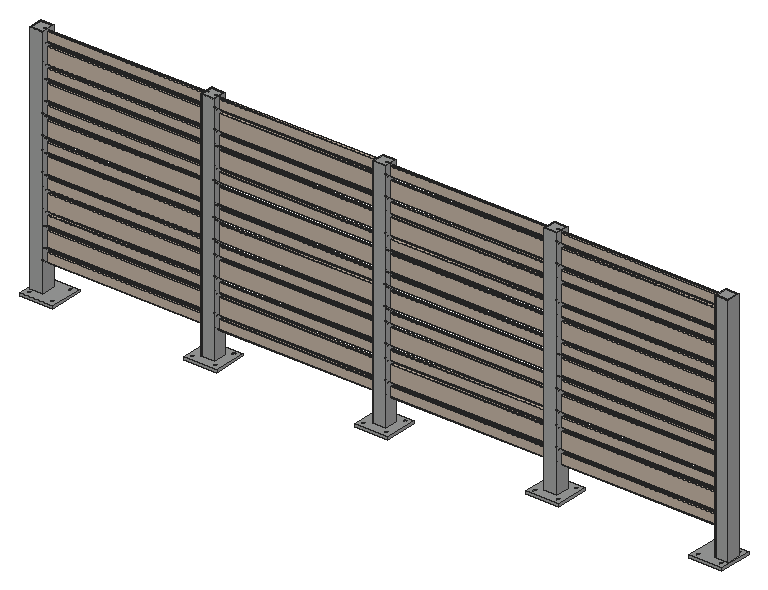
Revit family "ALTERNATING_ALUMINUM_PLANK_PANEL_ARRAY", category Specialty Equipment, Revit 2026
Family settings
  Round Connector Dimension = Use Diameter
  Part Type = Normal
  Classification Number = 23.55.00.00
  Enable Cutting in Views = No
  Cut with Voids When Loaded = No
  Maintain Annotation Orientation = No
  Shared = No
  Room Calculation Point = No
Parameters (values of type "Assembly")
  Warranty URL = "https://palmshieldlouvers.com/wp-content/uploads/2020/01/PalmSHIELD-Warranty-NO-SIGN-LINE.pdf"
  Version = "2020 - v1.0a"  # constant formula
  URL = "https://palmshieldlouvers.com/"
  Type Comments = ""
  Left Post UP [instance] = yes
  Left Post Description [instance] = if(Left Post Position = 1, "Middle Post", if(Left Post Position = 2, "Corner Post", if(Left Post Position = 3, "End Post", "Not a Valid Option")))  # "End Post"
  Left Post DOWN [instance] = not(Left Post UP)  # no
  Left Post [instance] = yes
  Product Page URL = "https://palmshieldlouvers.com/products/mercury-eco-semi-private/"
  Product Documentation Link = "https://palmshieldlouvers.com/wp-content/uploads/2022/01/Mercury-Economic-Alternating-Semi-Private.pdf"
  Post Finish = Metal - PalmSHIELD - Dusty Grey
  Panel Width [instance] = if(Desired Panel Width > C Max Panel Width, C Max Panel Width, if(Desired Panel Width < C Min Panel Width, C Min Panel Width, Desired Panel Width))  # 4' - 0"
  Panel Height [instance] = if(Desired Panel Height > C Max Panel Height, C Max Panel Height, if(Desired Panel Height < C Min Panel Height, C Min Panel Height, Desired Panel Height))  # 6' - 0"
  Model = "Mercury Economic - Alternating - Semi Private"  # constant formula
  Manufacturer Phone Number = "531-329-4406 "  # constant formula
  Manufacturer Email = "mailto: info@palmshieldlouvers.com"
  Manufacturer Address = "12330 Cary Circle, La Vista, NE 68128"  # constant formula
  Manufacturer = "PalmSHIELD"  # constant formula
  Louver Finsh = Metal - PalmSHIELD - Grey Beige
  Left Post Position [instance] = 3
  Keynote = "05 10 00"
  Instruction Sheet Link = "https://palmshieldlouvers.com/wp-content/uploads/2021/09/PalmSHIELD-Mercury-Series-Post-Panel-Gate-Installation-Instructions-2.docx"
  ID [instance] = "Not Assigned"
  Frame Finish = Metal - PalmSHIELD - Dusty Grey
  Filler Panel [instance] = yes
  Right Post UP [instance] = yes
  Right Post Description [instance] = if(Right Post Position = 1, "Middle Post", if(Right Post Position = 2, "Corner Post", if(Right Post Position = 3, "End Post", "Not a Valid Option")))  # "End Post"
  Right Post DOWN [instance] = not(Right Post UP)  # no
  Right Post Position [instance] = 3
  Right Post [instance] = yes
  Desired Panel Width [instance] = 4' - 0"
  Desired Panel Height [instance] = 6' - 0"
  Real Length [instance] = if([built-in parameter 1001306] < (C Post Width + C Min Panel Width), (C Post Width + C Min Panel Width), [built-in parameter 1001306])  # 17' - 4"
  Description = "Mercury Economic - Alternating - Semi Private"  # constant formula
  built-in parameter 1001306 [instance] = 17' - 4"
  Copyright = "Copyright ©2024 The American Fence Company and PalmSHIELD. All Rights Reserved."  # constant formula
  Component Name [instance] = "Mercury Economic - Alternating - Semi Private"  # constant formula
  C Single Post [instance] = if(C Condition Double, 1 = 1, if(and(Right Post, C Condition Single), 1 = 1, 1 = 0))  # no
  C Single Panel [instance] = or(C Condition Double, C Condition Single)  # no
  C Single End Post Position [instance] = if(C Array Count = 1, 1, Right Post Position)  # 3
  C Right Post Offset Single [instance] = if(C Single End Post Position = 3, 0' 4 1/2", if(C Single End Post Position = 1, 0' 2", if(Right Post DOWN, 0' 2", 0' 4")))  # 0' - 4 1/2"
  C Right Post Offset Aux Single [instance] = if(C Single End Post Position = 3, 0' 0", if(C Single End Post Position = 1, 0' 0", if(Right Post DOWN, 0' 2", 0' 0")))  # 0' - 0"
  C Right Post Offset Aux [instance] = if(Right Post Position = 3, 0' 0", if(Right Post Position = 1, 0' 0", if(Right Post DOWN, 0' 2", 0' 0")))  # 0' - 0"
  C Right Post Offset [instance] = if(Right Post Position = 3, 0' 4 1/2", if(Right Post Position = 1, 0' 2", if(Right Post DOWN, 0' 2", 0' 4")))  # 0' - 4 1/2"
  C Right Post Angle Single [instance] = if(C Single End Post Position = 2, 90.00°, 0.00°)  # 0.00°
  C Right Post Angle [instance] = if(Right Post Position = 2, 90.00°, 0.00°)  # 0.00°
  C Post Width [instance] = 0' - 4"  # constant formula
  C Multiple Post [instance] = (C Condition Multiple)  # yes
  C Multiple Panels [instance] = (C Condition Multiple)  # yes
  C Min Panel Width [instance] = 4' - 0"  # constant formula
  C Min Panel Height [instance] = C Min Panel Width  # 4' - 0"
  C Max Panel Width [instance] = 5' - 0"  # constant formula
  C Max Panel Height [instance] = 6' - 0"  # constant formula
  C Left Post Offset Aux [instance] = if(Left Post Position = 3, 0' 4 1/2", if(Left Post Position = 1, 0' 2", if(Left Post DOWN, 0' 2", 0' 6")))  # 0' - 4 1/2"
  C Left Post Angle [instance] = if(Left Post Position = 3, 90.00°, 0.00°)  # 90.00°
  C Left Post Offset [instance] = if(Left Post Position = 3, 0' 0", if(Left Post Position = 1, 0' 0", if(Left Post DOWN, 0' 2", 0' 2")))  # 0' - 0"
  C Filler Post [instance] = and(not(C Condition Single), Filler Panel, Right Post, or(C Filler Panel Width = C Min Panel Width, C Filler Panel Width > C Min Panel Width))  # yes
  C Filler Panel Width Calculated [instance] = Real Length - C Calculated Total Length - Panel Width - C Post Width  # 4' - 0"
  C Filler Panel Width [instance] = if(C Filler Panel Width Calculated < C Min Panel Width, C Min Panel Width, if(C Filler Panel Width Calculated > C Max Panel Width, C Max Panel Width, C Filler Panel Width Calculated))  # 4' - 0"
  C Filler Panel [instance] = and(not(C Condition Single), Filler Panel, or(C Filler Panel Width = C Min Panel Width, C Filler Panel Width > C Min Panel Width))  # yes
  C Condition Single [instance] = C Array Count < 1  # no
  C Condition Multiple [instance] = C Array Count > 1  # yes
  C Condition Double [instance] = C Array Count = 1  # no
  C Complete Post [instance] = and(not(C Condition Single), not(Filler Panel), Right Post)  # no
  C Complete Panel [instance] = and(not(C Condition Single), not(Filler Panel))  # no
  C Calculated Total Length [instance] = if(C Array Count < 1, 0' 0", if(C Array Count = 1, C Post Width, Panel Width * (C Array Safe - 1) + C Post Width * (C Array Safe)))  # 9' - 0"
  C Calculated Filler Panel Length [instance] = if(C Array Count < 1, 0' 0", if(or(C Array Count = 2, C Array Count = 1), C Post Width, if(Filler Panel, (C Calculated Total Length - C Post Width - C Filler Panel Width), (C Calculated Total Length - C Post Width - Panel Width))))  # 4' - 8"
  C Array Safe [instance] = if(C Array Count < 2, 2, C Array Count)  # 3
  C Array Count [instance] = if(Filler Panel, roundup(((Real Length - C Min Panel Width) / (Panel Width + C Post Width)) - 1), roundup(((Real Length - (Panel Width)) / (Panel Width + C Post Width)) - 1))  # 3
  Assembly Code = "F1020100"
Reference planes (in)
  plane 1 "Center (Front/Back)": y = 0
  plane 2 "B": z = 0
  plane 3 "Left": x = 0
  plane 4 "Right": x = 208
  plane 5 "Top": z = 72
  plane 6: x = 48
  plane 7: x = 52
  plane 8: x = 100
  plane 9: x = 104
  plane 10: x = -4
  plane 11: x = 156
  plane 12: x = 52
  plane 13: x = 204
  plane 14: x = 204
  plane 15: x = -2
  plane 16: x = 208
  plane 17: x = 206
  plane 18: x = 206
  plane 19: x = 208
  plane 20: x = 50
  plane 21: x = 102
  plane 22: y = -2
  plane 23: y = 2
Lines and regions (in)
  reference lines
    curve 1: line (0, 0, 0) -> (208, 0, 0)
    curve 2: line (-2, 0, 0) -> (-4, 0, 0)
    curve 3: line (-2, 0, 0) -> (-2, 2, 0)
    curve 4: line (2.5, 0, 0) -> (2.5, 2, 0)
    curve 5: line (206, 0, 0) -> (206, -2, 0)
    curve 6: line (206, 0, 0) -> (208, 0, 0)
    curve 7: line (206, 0, 0) -> (206, 2, 0)
    curve 8: line (206, 0, 0) -> (206, 2, 0)
    curve 9: line (50.00002, 0, 0) -> (50.00002, 2, 0)
    curve 10: line (50, 0, 0) -> (52, 0, 0)
    curve 11: line (50.00002, -0.00002, 0) -> (50.00002, 2, 0)
    curve 12: line (206, 0, 0) -> (206, 2, 0)
    curve 13: line (206, 0, 0) -> (208, 0, 0)
    curve 14: line (206, 0, 0) -> (206, 2, 0)
Dimensions and locks (in)
  "built-in parameter 1001306": plane 3 "Left" to plane 4 "Right"
  "Panel Width": plane 6 to plane 3 "Left"
  "C Post Width": plane 7 to plane 6
  "Panel Width": plane 8 to plane 7
  "C Post Width": plane 9 to plane 8
  "C Post Width": plane 3 "Left" to plane 10
  "C Calculated Filler Panel Length": plane 12 to plane 10
  "C Filler Panel Width": plane 13 to plane 11
  "Panel Width": plane 14 to plane 11
  "C Calculated Total Length": plane 11 to plane 6
  equal spacing: plane 10, plane 15, plane 3 "Left"
  equal spacing: plane 16, plane 17, plane 13
  "C Post Width": plane 16 to plane 13
  equal spacing: plane 19, plane 18, plane 14
  "C Post Width": plane 19 to plane 14
  equal spacing: plane 9, plane 21, plane 8
  equal spacing: plane 7, plane 20, plane 6
  equal spacing: plane 22, plane 1 "Center (Front/Back)", plane 23
  "C Post Width": plane 22 to plane 23
  "Panel Height": plane 5 "Top" to level
  equal spacing: group 1, group 2, group 5  (x3)
  "C Left Post Offset": curve 4 to nested 1
  "C Left Post Offset Aux": curve 3 to curve 4
  equal spacing: group 3, group 4, group 6  (x3)
  "C Right Post Offset Aux": curve 8 to curve 7
  "C Right Post Offset": curve 8 to nested 5
  "C Right Post Offset Aux Single": curve 11 to curve 9
  "C Right Post Offset Single": curve 11 to nested 8
  "C Right Post Offset Aux": curve 14 to curve 12
  "C Right Post Offset": curve 14 to nested 11
  "C Left Post Angle": angle curve 2 to plane 15
  locked: curve 3 to curve 2 (angle 90.00°)
  locked: curve 6 to curve 7 (angle 90.00°)
  "C Right Post Angle": angle curve 7 to plane 18
  locked: curve 10 to curve 9 (angle 90.00°)
  "C Right Post Angle Single": angle curve 9 to plane 20
  locked: curve 13 to curve 12 (angle 90.00°)
  "C Right Post Angle": angle curve 12 to plane 18
  aligned and locked: plane 4 "Right" to curve 1
  aligned and locked: plane 1 "Center (Front/Back)" to curve 1
  aligned and locked: plane 3 "Left" to curve 1
  aligned and locked: level to plane 2 "B"
  aligned and locked: plane 3 "Left" to nested 2
  aligned and locked: nested 4 to plane 14
  aligned and locked: plane 1 "Center (Front/Back)" to nested 7
  aligned and locked: plane 20 to nested 7
  aligned and locked: plane 3 "Left" to nested 6
  aligned and locked: plane 1 "Center (Front/Back)" to nested 6
  aligned and locked: plane 11 to nested 3
  aligned and locked: plane 1 "Center (Front/Back)" to nested 3
  aligned and locked: plane 7 to nested 9
  aligned and locked: plane 1 "Center (Front/Back)" to nested 9
  aligned and locked: plane 1 "Center (Front/Back)" to curve 2
  aligned and locked: plane 15 to curve 3
  aligned and locked: curve 2 to nested 1
  aligned and locked: plane 21 to nested 10
  aligned and locked: plane 1 "Center (Front/Back)" to nested 10
  aligned and locked: plane 17 to curve 5
  aligned and locked: plane 1 "Center (Front/Back)" to nested 4
  aligned and locked: plane 1 "Center (Front/Back)" to curve 6
  aligned and locked: plane 1 "Center (Front/Back)" to nested 2
  aligned and locked: plane 20 to curve 10
  aligned and locked: nested 8 to curve 10
  aligned and locked: plane 18 to curve 13
  aligned and locked: plane 1 "Center (Front/Back)" to curve 12
Automatic sketch dimensions
  plane 22 to curve 5 = 0' - 0"
  curve 10 to curve 9 = 0' - 0"
  curve 2 to curve 4 = 0' - 0"
  curve 4 to curve 4 = 0' - 2"
  curve 8 to curve 7 = 0' - 0"  (x2)
  curve 11 to curve 9 = 0' - 0"  (x2)
  curve 14 to curve 13 = 0' - 0"
  curve 13 to curve 14 = 0' - 2"
Nested families (in)
  nested 1: "Screening-Louver-Assembly-Post-Palmshield-Mercury-Economic-Alternating-Semi_Private-Aluminum" at (0.5, 0, 0) x (-1, 0, 0) z (0, 0, 1), Desired Overall Height <- "Panel Height", visible <- "Left Post", Component Vis <- "Left Post", ID <- "ID", Post Position <- "Left Post Position", type "Assembly"
    with Post Position 3, ID "Not Assigned", Height 6' - 0", Desired Overall Height 6' - 0", Component Vis yes, Component Name "Mercury Economic - Alternating - Semi Private - Square Post", C Min Height 3' - 4", C Max Height 6' - 0"
  nested 2: "Screening-Louver-Assembly-Panel-Palmshield-Mercury_Economic-Alternating-Semi_Private-Aluminum" at (0, 0, 0), Desired Overall Height <- "Panel Height", Desired Overall Width <- "Panel Width", visible <- "C Single Panel", Component Vis <- "C Single Panel", ID <- "ID", type "Assembly"
    with Width 6' - 0", ID "Not Assigned", Height 6' - 0", Desired Overall Width 4' - 0", Desired Overall Height 6' - 0", Desired Bottom Angle 0.00°, Component Vis no, Component Name "Mercury Economic - Alternating - Semi Private", C Min Width 6' - 0", C Min Height 6' - 0", C Max Width 5' - 0", C Max Height 6' - 0", C Angle 0.00°
  nested 3: "Screening-Louver-Assembly-Panel-Palmshield-Mercury_Economic-Alternating-Semi_Private-Aluminum" at (156, 0, 0), Desired Overall Height <- "Panel Height", Desired Overall Width <- "C Filler Panel Width", visible <- "C Filler Panel", Component Vis <- "C Filler Panel", ID <- "ID", type "Assembly"
    with Width 6' - 0", ID "Not Assigned", Height 6' - 0", Desired Overall Width 4' - 0", Desired Overall Height 6' - 0", Desired Bottom Angle 0.00°, Component Vis yes, Component Name "Mercury Economic - Alternating - Semi Private", C Min Width 6' - 0", C Min Height 6' - 0", C Max Width 5' - 0", C Max Height 6' - 0", C Angle 0.00°
  nested 4: "Screening-Louver-Assembly-Panel-Palmshield-Mercury_Economic-Alternating-Semi_Private-Aluminum" at (156, 0, 0), Desired Overall Height <- "Panel Height", Desired Overall Width <- "Panel Width", visible <- "C Complete Panel", Component Vis <- "C Complete Panel", ID <- "ID", type "Assembly"
    with Width 6' - 0", ID "Not Assigned", Height 6' - 0", Desired Overall Width 4' - 0", Desired Overall Height 6' - 0", Desired Bottom Angle 0.00°, Component Vis no, Component Name "Mercury Economic - Alternating - Semi Private", C Min Width 6' - 0", C Min Height 6' - 0", C Max Width 5' - 0", C Max Height 6' - 0", C Angle 0.00°
  nested 5: "Screening-Louver-Assembly-Post-Palmshield-Mercury-Economic-Alternating-Semi_Private-Aluminum" at (203.5, 0, 0), Desired Overall Height <- "Panel Height", visible <- "C Filler Post", Component Vis <- "C Filler Post", ID <- "ID", Post Position <- "Right Post Position", type "Assembly"
    with Post Position 3, ID "Not Assigned", Height 6' - 0", Desired Overall Height 6' - 0", Component Vis yes, Component Name "Mercury Economic - Alternating - Semi Private - Square Post", C Min Height 3' - 4", C Max Height 6' - 0"
  nested 6: "Screening-Louver-Assembly-Panel-Palmshield-Mercury_Economic-Alternating-Semi_Private-Aluminum" at (0, 0, 0), Desired Overall Height <- "Panel Height", Desired Overall Width <- "Panel Width", visible <- "C Multiple Panels", Component Vis <- "C Multiple Panels", ID <- "ID", type "Assembly"
    with Width 6' - 0", ID "Not Assigned", Height 6' - 0", Desired Overall Width 4' - 0", Desired Overall Height 6' - 0", Desired Bottom Angle 0.00°, Component Vis yes, Component Name "Mercury Economic - Alternating - Semi Private", C Min Width 6' - 0", C Min Height 6' - 0", C Max Width 5' - 0", C Max Height 6' - 0", C Angle 0.00°
  nested 7: "Screening-Louver-Assembly-Post-Palmshield-Mercury-Economic-Alternating-Semi_Private-Aluminum" at (50, 0, 0), Desired Overall Height <- "Panel Height", visible <- "C Multiple Post", Component Vis <- "C Multiple Post", ID <- "ID", type "Assembly"
    with Post Position 1, ID "Not Assigned", Height 6' - 0", Desired Overall Height 6' - 0", Component Vis yes, Component Name "Mercury Economic - Alternating - Semi Private - Square Post", C Min Height 3' - 4", C Max Height 6' - 0"
  nested 8: "Screening-Louver-Assembly-Post-Palmshield-Mercury-Economic-Alternating-Semi_Private-Aluminum" at (47.50002, 0, 0), Desired Overall Height <- "Panel Height", visible <- "C Single Post", Component Vis <- "C Single Post", ID <- "ID", Post Position <- "C Single End Post Position", type "Assembly"
    with Post Position 3, ID "Not Assigned", Height 6' - 0", Desired Overall Height 6' - 0", Component Vis no, Component Name "Mercury Economic - Alternating - Semi Private - Square Post", C Min Height 3' - 4", C Max Height 6' - 0"
  nested 9: "Screening-Louver-Assembly-Panel-Palmshield-Mercury_Economic-Alternating-Semi_Private-Aluminum" at (52, 0, 0), Desired Overall Height <- "Panel Height", Desired Overall Width <- "Panel Width", visible <- "C Multiple Panels", Component Vis <- "C Multiple Panels", ID <- "ID", type "Assembly"
    with Width 6' - 0", ID "Not Assigned", Height 6' - 0", Desired Overall Width 4' - 0", Desired Overall Height 6' - 0", Desired Bottom Angle 0.00°, Component Vis yes, Component Name "Mercury Economic - Alternating - Semi Private", C Min Width 6' - 0", C Min Height 6' - 0", C Max Width 5' - 0", C Max Height 6' - 0", C Angle 0.00°
  nested 10: "Screening-Louver-Assembly-Post-Palmshield-Mercury-Economic-Alternating-Semi_Private-Aluminum" at (102, 0, 0), Desired Overall Height <- "Panel Height", visible <- "C Multiple Post", Component Vis <- "C Multiple Post", ID <- "ID", type "Assembly"
    with Post Position 1, ID "Not Assigned", Height 6' - 0", Desired Overall Height 6' - 0", Component Vis yes, Component Name "Mercury Economic - Alternating - Semi Private - Square Post", C Min Height 3' - 4", C Max Height 6' - 0"
  nested 11: "Screening-Louver-Assembly-Post-Palmshield-Mercury-Economic-Alternating-Semi_Private-Aluminum" at (203.5, 0, 0), Desired Overall Height <- "Panel Height", visible <- "C Complete Post", Component Vis <- "C Complete Post", ID <- "ID", Post Position <- "Right Post Position", type "Assembly"
    with Post Position 3, ID "Not Assigned", Height 6' - 0", Desired Overall Height 6' - 0", Component Vis no, Component Name "Mercury Economic - Alternating - Semi Private - Square Post", C Min Height 3' - 4", C Max Height 6' - 0"
  nested 12: "Screening-Louver-Assembly-Panel-Palmshield-Mercury_Economic-Alternating-Semi_Private-Aluminum" at (104, 0, 0), Desired Overall Height <- "Panel Height", Desired Overall Width <- "Panel Width", visible <- "C Multiple Panels", Component Vis <- "C Multiple Panels", ID <- "ID", type "Assembly"
    with Width 6' - 0", ID "Not Assigned", Height 6' - 0", Desired Overall Width 4' - 0", Desired Overall Height 6' - 0", Desired Bottom Angle 0.00°, Component Vis yes, Component Name "Mercury Economic - Alternating - Semi Private", C Min Width 6' - 0", C Min Height 6' - 0", C Max Width 5' - 0", C Max Height 6' - 0", C Angle 0.00°
  nested 13: "Screening-Louver-Assembly-Post-Palmshield-Mercury-Economic-Alternating-Semi_Private-Aluminum" at (154, 0, 0), Desired Overall Height <- "Panel Height", visible <- "C Multiple Post", Component Vis <- "C Multiple Post", ID <- "ID", type "Assembly"
    with Post Position 1, ID "Not Assigned", Height 6' - 0", Desired Overall Height 6' - 0", Component Vis yes, Component Name "Mercury Economic - Alternating - Semi Private - Square Post", C Min Height 3' - 4", C Max Height 6' - 0"
  nested 14: "Nested-Base_Plate-Palmshield-Mercury_Economic" at (154, 0, 0), type "10" x 10" x 3/4""
    with Material Metal - PalmSHIELD - Dusty Grey, ID "Not Assigned", Component Vis yes, Component Name "Mercury Economic - Aluminum - Base Plate"
  nested 15: "Nested-Square_Post-Aluminum-Palmshield-Mercury_Economic" at (154, 0, 0.75), type "4" X 4" X 1/8" SQ. TUBE"
    with Material Metal - PalmSHIELD - Dusty Grey, Length 5' - 11 1/4", ID "Not Assigned", Component Vis yes, Component Name "Mercury Economic - Aluminum - Square Post"
  nested 16: "Nested-Top_Cap-Palmshield-Mercury_Economic" at (154, 0, 72) x (1, 0, 0) z (0, 0, -1), type "3 3/4" x 3 3/4" x 1/8""
    with Material Metal - PalmSHIELD - Dusty Grey, ID "Not Assigned", Component Vis yes, Component Name "Mercury Economic - Aluminum - Square Top Cap"
  nested 17: "Nested-Louvers-Palmshield-Mercury-Economic-Alternating-Semi_Private-Aluminum" at (102.1875, 0, 8.5) x (0, 1, 0) z (1, 0, 0), type "0.938" X 3" ALUMINUM SLAT, TYP."
    with Material Metal - PalmSHIELD - Grey Beige, Length 4' - 3 5/8", ID "", Component Name "Mercury Economic Alternating Semi Private - Aluminum - Louvers"
  nested 18: "Nested-Louvers-Palmshield-Mercury-Economic-Alternating-Semi_Private-Aluminum" at (102.1875, 0, 28.5) x (0, 1, 0) z (1, 0, 0), type "0.938" X 3" ALUMINUM SLAT, TYP."
    with Material Metal - PalmSHIELD - Grey Beige, Length 4' - 3 5/8", ID "", Component Name "Mercury Economic Alternating Semi Private - Aluminum - Louvers"
  nested 19: "Nested-Louvers-Palmshield-Mercury-Economic-Alternating-Semi_Private-Aluminum" at (102.1875, 0, 12.5) x (0, 1, 0) z (1, 0, 0), type "0.938" X 5" ALUMINUM SLAT, TYP."
    with Material Metal - PalmSHIELD - Grey Beige, Length 4' - 3 5/8", ID "", Component Name "Mercury Economic Alternating Semi Private - Aluminum - Louvers"
  nested 20: "Nested-Louvers-Palmshield-Mercury-Economic-Alternating-Semi_Private-Aluminum" at (102.1875, 0, 32.5) x (0, 1, 0) z (1, 0, 0), type "0.938" X 5" ALUMINUM SLAT, TYP."
    with Material Metal - PalmSHIELD - Grey Beige, Length 4' - 3 5/8", ID "", Component Name "Mercury Economic Alternating Semi Private - Aluminum - Louvers"
  nested 21: "Nested-Louvers-Palmshield-Mercury-Economic-Alternating-Semi_Private-Aluminum" at (102.1875, 0, 42.5) x (0, 1, 0) z (1, 0, 0), type "0.938" X 5" ALUMINUM SLAT, TYP."
    with Material Metal - PalmSHIELD - Grey Beige, Length 4' - 3 5/8", ID "", Component Name "Mercury Economic Alternating Semi Private - Aluminum - Louvers"
  nested 22: "Nested-Louvers-Palmshield-Mercury-Economic-Alternating-Semi_Private-Aluminum" at (102.1875, 0, 38.5) x (0, 1, 0) z (1, 0, 0), type "0.938" X 3" ALUMINUM SLAT, TYP."
    with Material Metal - PalmSHIELD - Grey Beige, Length 4' - 3 5/8", ID "", Component Name "Mercury Economic Alternating Semi Private - Aluminum - Louvers"
  nested 23: "Nested-Louvers-Palmshield-Mercury-Economic-Alternating-Semi_Private-Aluminum" at (102.1875, 0, 48.5) x (0, 1, 0) z (1, 0, 0), type "0.938" X 3" ALUMINUM SLAT, TYP."
    with Material Metal - PalmSHIELD - Grey Beige, Length 4' - 3 5/8", ID "", Component Name "Mercury Economic Alternating Semi Private - Aluminum - Louvers"
  nested 24: "Nested-Louvers-Palmshield-Mercury-Economic-Alternating-Semi_Private-Aluminum" at (102.1875, 0, 58.5) x (0, 1, 0) z (1, 0, 0), type "0.938" X 3" ALUMINUM SLAT, TYP."
    with Material Metal - PalmSHIELD - Grey Beige, Length 4' - 3 5/8", ID "", Component Name "Mercury Economic Alternating Semi Private - Aluminum - Louvers"
  nested 25: "Nested-Louvers-Palmshield-Mercury-Economic-Alternating-Semi_Private-Aluminum" at (102.1875, 0, 52.5) x (0, 1, 0) z (1, 0, 0), type "0.938" X 5" ALUMINUM SLAT, TYP."
    with Material Metal - PalmSHIELD - Grey Beige, Length 4' - 3 5/8", ID "", Component Name "Mercury Economic Alternating Semi Private - Aluminum - Louvers"
  nested 26: "Nested-Louvers-Palmshield-Mercury-Economic-Alternating-Semi_Private-Aluminum" at (102.1875, 0, 68.5) x (0, 1, 0) z (1, 0, 0), type "0.938" X 3" ALUMINUM SLAT, TYP."
    with Material Metal - PalmSHIELD - Grey Beige, Length 4' - 3 5/8", ID "", Component Name "Mercury Economic Alternating Semi Private - Aluminum - Louvers"
  nested 27: "Nested-Louvers-Palmshield-Mercury-Economic-Alternating-Semi_Private-Aluminum" at (102.1875, 0, 62.5) x (0, 1, 0) z (1, 0, 0), type "0.938" X 5" ALUMINUM SLAT, TYP."
    with Material Metal - PalmSHIELD - Grey Beige, Length 4' - 3 5/8", ID "", Component Name "Mercury Economic Alternating Semi Private - Aluminum - Louvers"
  nested 28: "Nested-Base_Plate-Palmshield-Mercury_Economic" at (50, 0, 0), type "10" x 10" x 3/4""
    with Material Metal - PalmSHIELD - Dusty Grey, ID "Not Assigned", Component Vis yes, Component Name "Mercury Economic - Aluminum - Base Plate"
  nested 29: "Nested-Square_Post-Aluminum-Palmshield-Mercury_Economic" at (50, 0, 0.75), type "4" X 4" X 1/8" SQ. TUBE"
    with Material Metal - PalmSHIELD - Dusty Grey, Length 5' - 11 1/4", ID "Not Assigned", Component Vis yes, Component Name "Mercury Economic - Aluminum - Square Post"
  nested 30: "Nested-Top_Cap-Palmshield-Mercury_Economic" at (50, 0, 72) x (1, 0, 0) z (0, 0, -1), type "3 3/4" x 3 3/4" x 1/8""
    with Material Metal - PalmSHIELD - Dusty Grey, ID "Not Assigned", Component Vis yes, Component Name "Mercury Economic - Aluminum - Square Top Cap"
  nested 31: "Nested-Base_Plate-Palmshield-Mercury_Economic" at (102, 0, 0), type "10" x 10" x 3/4""
    with Material Metal - PalmSHIELD - Dusty Grey, ID "Not Assigned", Component Vis yes, Component Name "Mercury Economic - Aluminum - Base Plate"
  nested 32: "Nested-Square_Post-Aluminum-Palmshield-Mercury_Economic" at (102, 0, 0.75), type "4" X 4" X 1/8" SQ. TUBE"
    with Material Metal - PalmSHIELD - Dusty Grey, Length 5' - 11 1/4", ID "Not Assigned", Component Vis yes, Component Name "Mercury Economic - Aluminum - Square Post"
  nested 33: "Nested-Top_Cap-Palmshield-Mercury_Economic" at (102, 0, 72) x (1, 0, 0) z (0, 0, -1), type "3 3/4" x 3 3/4" x 1/8""
    with Material Metal - PalmSHIELD - Dusty Grey, ID "Not Assigned", Component Vis yes, Component Name "Mercury Economic - Aluminum - Square Top Cap"
  nested 34: "Nested-Louvers-Palmshield-Mercury-Economic-Alternating-Semi_Private-Aluminum" at (-1.8125, 0, 8.5) x (0, 1, 0) z (1, 0, 0), type "0.938" X 3" ALUMINUM SLAT, TYP."
    with Material Metal - PalmSHIELD - Grey Beige, Length 4' - 3 5/8", ID "", Component Name "Mercury Economic Alternating Semi Private - Aluminum - Louvers"
  nested 35: "Nested-Louvers-Palmshield-Mercury-Economic-Alternating-Semi_Private-Aluminum" at (-1.8125, 0, 28.5) x (0, 1, 0) z (1, 0, 0), type "0.938" X 3" ALUMINUM SLAT, TYP."
    with Material Metal - PalmSHIELD - Grey Beige, Length 4' - 3 5/8", ID "", Component Name "Mercury Economic Alternating Semi Private - Aluminum - Louvers"
  nested 36: "Nested-Louvers-Palmshield-Mercury-Economic-Alternating-Semi_Private-Aluminum" at (-1.8125, 0, 12.5) x (0, 1, 0) z (1, 0, 0), type "0.938" X 5" ALUMINUM SLAT, TYP."
    with Material Metal - PalmSHIELD - Grey Beige, Length 4' - 3 5/8", ID "", Component Name "Mercury Economic Alternating Semi Private - Aluminum - Louvers"
  nested 37: "Nested-Louvers-Palmshield-Mercury-Economic-Alternating-Semi_Private-Aluminum" at (-1.8125, 0, 32.5) x (0, 1, 0) z (1, 0, 0), type "0.938" X 5" ALUMINUM SLAT, TYP."
    with Material Metal - PalmSHIELD - Grey Beige, Length 4' - 3 5/8", ID "", Component Name "Mercury Economic Alternating Semi Private - Aluminum - Louvers"
  nested 38: "Nested-Louvers-Palmshield-Mercury-Economic-Alternating-Semi_Private-Aluminum" at (-1.8125, 0, 42.5) x (0, 1, 0) z (1, 0, 0), type "0.938" X 5" ALUMINUM SLAT, TYP."
    with Material Metal - PalmSHIELD - Grey Beige, Length 4' - 3 5/8", ID "", Component Name "Mercury Economic Alternating Semi Private - Aluminum - Louvers"
  nested 39: "Nested-Louvers-Palmshield-Mercury-Economic-Alternating-Semi_Private-Aluminum" at (-1.8125, 0, 38.5) x (0, 1, 0) z (1, 0, 0), type "0.938" X 3" ALUMINUM SLAT, TYP."
    with Material Metal - PalmSHIELD - Grey Beige, Length 4' - 3 5/8", ID "", Component Name "Mercury Economic Alternating Semi Private - Aluminum - Louvers"
  nested 40: "Nested-Louvers-Palmshield-Mercury-Economic-Alternating-Semi_Private-Aluminum" at (-1.8125, 0, 48.5) x (0, 1, 0) z (1, 0, 0), type "0.938" X 3" ALUMINUM SLAT, TYP."
    with Material Metal - PalmSHIELD - Grey Beige, Length 4' - 3 5/8", ID "", Component Name "Mercury Economic Alternating Semi Private - Aluminum - Louvers"
  nested 41: "Nested-Louvers-Palmshield-Mercury-Economic-Alternating-Semi_Private-Aluminum" at (-1.8125, 0, 58.5) x (0, 1, 0) z (1, 0, 0), type "0.938" X 3" ALUMINUM SLAT, TYP."
    with Material Metal - PalmSHIELD - Grey Beige, Length 4' - 3 5/8", ID "", Component Name "Mercury Economic Alternating Semi Private - Aluminum - Louvers"
  nested 42: "Nested-Louvers-Palmshield-Mercury-Economic-Alternating-Semi_Private-Aluminum" at (-1.8125, 0, 52.5) x (0, 1, 0) z (1, 0, 0), type "0.938" X 5" ALUMINUM SLAT, TYP."
    with Material Metal - PalmSHIELD - Grey Beige, Length 4' - 3 5/8", ID "", Component Name "Mercury Economic Alternating Semi Private - Aluminum - Louvers"
  nested 43: "Nested-Louvers-Palmshield-Mercury-Economic-Alternating-Semi_Private-Aluminum" at (-1.8125, 0, 68.5) x (0, 1, 0) z (1, 0, 0), type "0.938" X 3" ALUMINUM SLAT, TYP."
    with Material Metal - PalmSHIELD - Grey Beige, Length 4' - 3 5/8", ID "", Component Name "Mercury Economic Alternating Semi Private - Aluminum - Louvers"
  nested 44: "Nested-Louvers-Palmshield-Mercury-Economic-Alternating-Semi_Private-Aluminum" at (-1.8125, 0, 62.5) x (0, 1, 0) z (1, 0, 0), type "0.938" X 5" ALUMINUM SLAT, TYP."
    with Material Metal - PalmSHIELD - Grey Beige, Length 4' - 3 5/8", ID "", Component Name "Mercury Economic Alternating Semi Private - Aluminum - Louvers"
  nested 45: "Nested-Louvers-Palmshield-Mercury-Economic-Alternating-Semi_Private-Aluminum" at (50.1875, 0, 8.5) x (0, 1, 0) z (1, 0, 0), type "0.938" X 3" ALUMINUM SLAT, TYP."
    with Material Metal - PalmSHIELD - Grey Beige, Length 4' - 3 5/8", ID "", Component Name "Mercury Economic Alternating Semi Private - Aluminum - Louvers"
  nested 46: "Nested-Louvers-Palmshield-Mercury-Economic-Alternating-Semi_Private-Aluminum" at (50.1875, 0, 28.5) x (0, 1, 0) z (1, 0, 0), type "0.938" X 3" ALUMINUM SLAT, TYP."
    with Material Metal - PalmSHIELD - Grey Beige, Length 4' - 3 5/8", ID "", Component Name "Mercury Economic Alternating Semi Private - Aluminum - Louvers"
  nested 47: "Nested-Louvers-Palmshield-Mercury-Economic-Alternating-Semi_Private-Aluminum" at (50.1875, 0, 12.5) x (0, 1, 0) z (1, 0, 0), type "0.938" X 5" ALUMINUM SLAT, TYP."
    with Material Metal - PalmSHIELD - Grey Beige, Length 4' - 3 5/8", ID "", Component Name "Mercury Economic Alternating Semi Private - Aluminum - Louvers"
  nested 48: "Nested-Louvers-Palmshield-Mercury-Economic-Alternating-Semi_Private-Aluminum" at (50.1875, 0, 32.5) x (0, 1, 0) z (1, 0, 0), type "0.938" X 5" ALUMINUM SLAT, TYP."
    with Material Metal - PalmSHIELD - Grey Beige, Length 4' - 3 5/8", ID "", Component Name "Mercury Economic Alternating Semi Private - Aluminum - Louvers"
  nested 49: "Nested-Louvers-Palmshield-Mercury-Economic-Alternating-Semi_Private-Aluminum" at (50.1875, 0, 42.5) x (0, 1, 0) z (1, 0, 0), type "0.938" X 5" ALUMINUM SLAT, TYP."
    with Material Metal - PalmSHIELD - Grey Beige, Length 4' - 3 5/8", ID "", Component Name "Mercury Economic Alternating Semi Private - Aluminum - Louvers"
  nested 50: "Nested-Louvers-Palmshield-Mercury-Economic-Alternating-Semi_Private-Aluminum" at (50.1875, 0, 38.5) x (0, 1, 0) z (1, 0, 0), type "0.938" X 3" ALUMINUM SLAT, TYP."
    with Material Metal - PalmSHIELD - Grey Beige, Length 4' - 3 5/8", ID "", Component Name "Mercury Economic Alternating Semi Private - Aluminum - Louvers"
  nested 51: "Nested-Louvers-Palmshield-Mercury-Economic-Alternating-Semi_Private-Aluminum" at (50.1875, 0, 48.5) x (0, 1, 0) z (1, 0, 0), type "0.938" X 3" ALUMINUM SLAT, TYP."
    with Material Metal - PalmSHIELD - Grey Beige, Length 4' - 3 5/8", ID "", Component Name "Mercury Economic Alternating Semi Private - Aluminum - Louvers"
  nested 52: "Nested-Louvers-Palmshield-Mercury-Economic-Alternating-Semi_Private-Aluminum" at (50.1875, 0, 58.5) x (0, 1, 0) z (1, 0, 0), type "0.938" X 3" ALUMINUM SLAT, TYP."
    with Material Metal - PalmSHIELD - Grey Beige, Length 4' - 3 5/8", ID "", Component Name "Mercury Economic Alternating Semi Private - Aluminum - Louvers"
  nested 53: "Nested-Louvers-Palmshield-Mercury-Economic-Alternating-Semi_Private-Aluminum" at (50.1875, 0, 52.5) x (0, 1, 0) z (1, 0, 0), type "0.938" X 5" ALUMINUM SLAT, TYP."
    with Material Metal - PalmSHIELD - Grey Beige, Length 4' - 3 5/8", ID "", Component Name "Mercury Economic Alternating Semi Private - Aluminum - Louvers"
  nested 54: "Nested-Louvers-Palmshield-Mercury-Economic-Alternating-Semi_Private-Aluminum" at (50.1875, 0, 68.5) x (0, 1, 0) z (1, 0, 0), type "0.938" X 3" ALUMINUM SLAT, TYP."
    with Material Metal - PalmSHIELD - Grey Beige, Length 4' - 3 5/8", ID "", Component Name "Mercury Economic Alternating Semi Private - Aluminum - Louvers"
  nested 55: "Nested-Louvers-Palmshield-Mercury-Economic-Alternating-Semi_Private-Aluminum" at (50.1875, 0, 62.5) x (0, 1, 0) z (1, 0, 0), type "0.938" X 5" ALUMINUM SLAT, TYP."
    with Material Metal - PalmSHIELD - Grey Beige, Length 4' - 3 5/8", ID "", Component Name "Mercury Economic Alternating Semi Private - Aluminum - Louvers"
  nested 56: "Nested-Louvers-Palmshield-Mercury-Economic-Alternating-Semi_Private-Aluminum" at (154.1875, 0, 8.5) x (0, 1, 0) z (1, 0, 0), type "0.938" X 3" ALUMINUM SLAT, TYP."
    with Material Metal - PalmSHIELD - Grey Beige, Length 4' - 3 5/8", ID "", Component Name "Mercury Economic Alternating Semi Private - Aluminum - Louvers"
  nested 57: "Nested-Louvers-Palmshield-Mercury-Economic-Alternating-Semi_Private-Aluminum" at (154.1875, 0, 28.5) x (0, 1, 0) z (1, 0, 0), type "0.938" X 3" ALUMINUM SLAT, TYP."
    with Material Metal - PalmSHIELD - Grey Beige, Length 4' - 3 5/8", ID "", Component Name "Mercury Economic Alternating Semi Private - Aluminum - Louvers"
  nested 58: "Nested-Louvers-Palmshield-Mercury-Economic-Alternating-Semi_Private-Aluminum" at (154.1875, 0, 12.5) x (0, 1, 0) z (1, 0, 0), type "0.938" X 5" ALUMINUM SLAT, TYP."
    with Material Metal - PalmSHIELD - Grey Beige, Length 4' - 3 5/8", ID "", Component Name "Mercury Economic Alternating Semi Private - Aluminum - Louvers"
  nested 59: "Nested-Louvers-Palmshield-Mercury-Economic-Alternating-Semi_Private-Aluminum" at (154.1875, 0, 32.5) x (0, 1, 0) z (1, 0, 0), type "0.938" X 5" ALUMINUM SLAT, TYP."
    with Material Metal - PalmSHIELD - Grey Beige, Length 4' - 3 5/8", ID "", Component Name "Mercury Economic Alternating Semi Private - Aluminum - Louvers"
  nested 60: "Nested-Louvers-Palmshield-Mercury-Economic-Alternating-Semi_Private-Aluminum" at (154.1875, 0, 42.5) x (0, 1, 0) z (1, 0, 0), type "0.938" X 5" ALUMINUM SLAT, TYP."
    with Material Metal - PalmSHIELD - Grey Beige, Length 4' - 3 5/8", ID "", Component Name "Mercury Economic Alternating Semi Private - Aluminum - Louvers"
  nested 61: "Nested-Louvers-Palmshield-Mercury-Economic-Alternating-Semi_Private-Aluminum" at (154.1875, 0, 38.5) x (0, 1, 0) z (1, 0, 0), type "0.938" X 3" ALUMINUM SLAT, TYP."
    with Material Metal - PalmSHIELD - Grey Beige, Length 4' - 3 5/8", ID "", Component Name "Mercury Economic Alternating Semi Private - Aluminum - Louvers"
  nested 62: "Nested-Louvers-Palmshield-Mercury-Economic-Alternating-Semi_Private-Aluminum" at (154.1875, 0, 48.5) x (0, 1, 0) z (1, 0, 0), type "0.938" X 3" ALUMINUM SLAT, TYP."
    with Material Metal - PalmSHIELD - Grey Beige, Length 4' - 3 5/8", ID "", Component Name "Mercury Economic Alternating Semi Private - Aluminum - Louvers"
  nested 63: "Nested-Louvers-Palmshield-Mercury-Economic-Alternating-Semi_Private-Aluminum" at (154.1875, 0, 58.5) x (0, 1, 0) z (1, 0, 0), type "0.938" X 3" ALUMINUM SLAT, TYP."
    with Material Metal - PalmSHIELD - Grey Beige, Length 4' - 3 5/8", ID "", Component Name "Mercury Economic Alternating Semi Private - Aluminum - Louvers"
  nested 64: "Nested-Louvers-Palmshield-Mercury-Economic-Alternating-Semi_Private-Aluminum" at (154.1875, 0, 52.5) x (0, 1, 0) z (1, 0, 0), type "0.938" X 5" ALUMINUM SLAT, TYP."
    with Material Metal - PalmSHIELD - Grey Beige, Length 4' - 3 5/8", ID "", Component Name "Mercury Economic Alternating Semi Private - Aluminum - Louvers"
  nested 65: "Nested-Louvers-Palmshield-Mercury-Economic-Alternating-Semi_Private-Aluminum" at (154.1875, 0, 68.5) x (0, 1, 0) z (1, 0, 0), type "0.938" X 3" ALUMINUM SLAT, TYP."
    with Material Metal - PalmSHIELD - Grey Beige, Length 4' - 3 5/8", ID "", Component Name "Mercury Economic Alternating Semi Private - Aluminum - Louvers"
  nested 66: "Nested-Louvers-Palmshield-Mercury-Economic-Alternating-Semi_Private-Aluminum" at (154.1875, 0, 62.5) x (0, 1, 0) z (1, 0, 0), type "0.938" X 5" ALUMINUM SLAT, TYP."
    with Material Metal - PalmSHIELD - Grey Beige, Length 4' - 3 5/8", ID "", Component Name "Mercury Economic Alternating Semi Private - Aluminum - Louvers"
  nested 67: "Nested-Base_Plate-Palmshield-Mercury_Economic" at (203.5, 0, 0), type "10" x 10" x 3/4""
    with Material Metal - PalmSHIELD - Dusty Grey, ID "Not Assigned", Component Vis yes, Component Name "Mercury Economic - Aluminum - Base Plate"
  nested 68: "Nested-Square_Post-Aluminum-Palmshield-Mercury_Economic" at (206, 0, 0.75), type "4" X 4" X 1/8" SQ. TUBE"
    with Material Metal - PalmSHIELD - Dusty Grey, Length 5' - 11 1/4", ID "Not Assigned", Component Vis yes, Component Name "Mercury Economic - Aluminum - Square Post"
  nested 69: "Nested-Top_Cap-Palmshield-Mercury_Economic" at (206, 0, 72) x (1, 0, 0) z (0, 0, -1), type "3 3/4" x 3 3/4" x 1/8""
    with Material Metal - PalmSHIELD - Dusty Grey, ID "Not Assigned", Component Vis yes, Component Name "Mercury Economic - Aluminum - Square Top Cap"
  nested 70: "Nested-Base_Plate-Palmshield-Mercury_Economic" at (0.5, 0, 0) x (-1, 0, 0) z (0, 0, 1), type "10" x 10" x 3/4""
    with Material Metal - PalmSHIELD - Dusty Grey, ID "Not Assigned", Component Vis yes, Component Name "Mercury Economic - Aluminum - Base Plate"
  nested 71: "Nested-Square_Post-Aluminum-Palmshield-Mercury_Economic" at (-2, 0, 0.75) x (-1, 0, 0) z (0, 0, 1), type "4" X 4" X 1/8" SQ. TUBE"
    with Material Metal - PalmSHIELD - Dusty Grey, Length 5' - 11 1/4", ID "Not Assigned", Component Vis yes, Component Name "Mercury Economic - Aluminum - Square Post"
  nested 72: "Nested-Top_Cap-Palmshield-Mercury_Economic" at (-2, 0, 72) x (-1, 0, 0) z (0, 0, -1), type "3 3/4" x 3 3/4" x 1/8""
    with Material Metal - PalmSHIELD - Dusty Grey, ID "Not Assigned", Component Vis yes, Component Name "Mercury Economic - Aluminum - Square Top Cap"
  nested 73: "Nested-Louvers-Palmshield-Mercury-Economic-Alternating-Semi_Private-Aluminum" at (154.1875, 0, 18.5) x (0, 1, 0) z (1, 0, 0), type "0.938" X 3" ALUMINUM SLAT, TYP."
    with Material Metal - PalmSHIELD - Grey Beige, Length 4' - 3 5/8", ID "", Component Name "Mercury Economic Alternating Semi Private - Aluminum - Louvers"
  nested 74: "Nested-Louvers-Palmshield-Mercury-Economic-Alternating-Semi_Private-Aluminum" at (154.1875, 0, 22.5) x (0, 1, 0) z (1, 0, 0), type "0.938" X 5" ALUMINUM SLAT, TYP."
    with Material Metal - PalmSHIELD - Grey Beige, Length 4' - 3 5/8", ID "", Component Name "Mercury Economic Alternating Semi Private - Aluminum - Louvers"
  nested 75: "Nested-Louvers-Palmshield-Mercury-Economic-Alternating-Semi_Private-Aluminum" at (102.1875, 0, 18.5) x (0, 1, 0) z (1, 0, 0), type "0.938" X 3" ALUMINUM SLAT, TYP."
    with Material Metal - PalmSHIELD - Grey Beige, Length 4' - 3 5/8", ID "", Component Name "Mercury Economic Alternating Semi Private - Aluminum - Louvers"
  nested 76: "Nested-Louvers-Palmshield-Mercury-Economic-Alternating-Semi_Private-Aluminum" at (102.1875, 0, 22.5) x (0, 1, 0) z (1, 0, 0), type "0.938" X 5" ALUMINUM SLAT, TYP."
    with Material Metal - PalmSHIELD - Grey Beige, Length 4' - 3 5/8", ID "", Component Name "Mercury Economic Alternating Semi Private - Aluminum - Louvers"
  nested 77: "Nested-Louvers-Palmshield-Mercury-Economic-Alternating-Semi_Private-Aluminum" at (-1.8125, 0, 18.5) x (0, 1, 0) z (1, 0, 0), type "0.938" X 3" ALUMINUM SLAT, TYP."
    with Material Metal - PalmSHIELD - Grey Beige, Length 4' - 3 5/8", ID "", Component Name "Mercury Economic Alternating Semi Private - Aluminum - Louvers"
  nested 78: "Nested-Louvers-Palmshield-Mercury-Economic-Alternating-Semi_Private-Aluminum" at (-1.8125, 0, 22.5) x (0, 1, 0) z (1, 0, 0), type "0.938" X 5" ALUMINUM SLAT, TYP."
    with Material Metal - PalmSHIELD - Grey Beige, Length 4' - 3 5/8", ID "", Component Name "Mercury Economic Alternating Semi Private - Aluminum - Louvers"
  nested 79: "Nested-Louvers-Palmshield-Mercury-Economic-Alternating-Semi_Private-Aluminum" at (50.1875, 0, 18.5) x (0, 1, 0) z (1, 0, 0), type "0.938" X 3" ALUMINUM SLAT, TYP."
    with Material Metal - PalmSHIELD - Grey Beige, Length 4' - 3 5/8", ID "", Component Name "Mercury Economic Alternating Semi Private - Aluminum - Louvers"
  nested 80: "Nested-Louvers-Palmshield-Mercury-Economic-Alternating-Semi_Private-Aluminum" at (50.1875, 0, 22.5) x (0, 1, 0) z (1, 0, 0), type "0.938" X 5" ALUMINUM SLAT, TYP."
    with Material Metal - PalmSHIELD - Grey Beige, Length 4' - 3 5/8", ID "", Component Name "Mercury Economic Alternating Semi Private - Aluminum - Louvers"
Definition of nested family "Nested-Base_Plate-Palmshield-Mercury_Economic"
  Parameters (values of type "10" x 14" x 3/4"")
    Width = if(Constraints = 1, 0' 10", 1' 2")  # 1' - 2"
    Warranty URL = "https://palmshieldlouvers.com/wp-content/uploads/2020/01/PalmSHIELD-Warranty-NO-SIGN-LINE.pdf"
    Version = "2020 - v1.0a"  # constant formula
    URL = "https://palmshieldlouvers.com/"
    Thickness = 0' - 0 3/4"  # constant formula
    Product Page URL = "Contact Manufacturer for More Information"
    Product Documentation Link = "Contact Manufacturer for More Information"
    Model = "Mercury Economic"  # constant formula
    Material [instance] = none
    Manufacturer Phone Number = "531-329-4406 "  # constant formula
    Manufacturer Fax Number = "Consult Manufacturer Website for More Information"  # constant formula
    Manufacturer Email = "mailto: info@palmshieldlouvers.com"
    Manufacturer Address = "12330 Cary Circle, La Vista, NE 68128"  # constant formula
    Manufacturer = "PalmSHIELD"  # constant formula
    Keynote = "05 10 00"
    Instruction Sheet Link = "Contact Manufacturer for More Information"
    ID [instance] = ""
    Hole Diameter = 0' - 0 3/4"  # constant formula
    Height = 0' - 10"  # constant formula
    Description = "Mercury Economic - Base Plate"  # constant formula
    Default Elevation = 4' - 0"
    Copyright = "Copyright ©2024 The American Fence Company and PalmSHIELD. All Rights Reserved."  # constant formula
    Constraints = 2
    Component Vis [instance] = yes
    Component Name [instance] = "Mercury Economic - Aluminum - Base Plate"  # constant formula
    C Hole Offset = 0' - 1 1/2"  # constant formula
    Assembly Code = "F1020100"
  Types (2): name | Width | Constraints
    10" x 10" x 3/4" | 0' - 10" | 1
    10" x 14" x 3/4" | 1' - 2" | 2
  Reference planes (in)
    plane 1 "Center (Front/Back)": y = 0
    plane 2: z = 0
    plane 3 "Center (Left/Right)": x = 0
    plane 4: y = 5
    plane 5: x = 7
    plane 6: y = -5
    plane 7: x = -7
    plane 8: z = 0.75
  Forms (in)
    Extrusion 1, solid
      sketch origin (0, 0, 0) x (1, 0, 0) y (0, 1, 0)
        loop
          line (-48, 48) -> (-48, -48) -> (48, -48) -> (48, 48) -> (-48, 48)
      from 0 to -12
    Extrusion 2, solid, material <- "Material", visible <- "Component Vis"
      sketch origin (0, 0, 0) x (1, 0, 0) y (0, 1, 0)
        loop
          line (-7, 5) -> (-7, -5) -> (7, -5) -> (7, 5) -> (-7, 5)
        loop
          circle (-5.5, 3.5) r 0.375
        loop
          circle (5.5, 3.5) r 0.375
        loop
          circle (-5.5, -3.5) r 0.375
        loop
          circle (5.5, -3.5) r 0.375
      from 0 to 0.75
  Dimensions and locks (in)
    equal spacing: plane 7, plane 3 "Center (Left/Right)", plane 5
    equal spacing: plane 4, plane 1 "Center (Front/Back)", plane 6
    "Width": plane 7 to plane 5
    "Height": plane 4 to plane 6
    "C Hole Offset": plane 7 to Extrusion 2 sketch curve  (x2)
    "C Hole Offset": Extrusion 2 sketch curve to plane 5  (x2)
    "C Hole Offset": plane 4 to Extrusion 2 sketch curve  (x2)
    "C Hole Offset": plane 6 to Extrusion 2 sketch curve  (x2)
    "Thickness": plane 8 to plane 2
    "Width": Extrusion 2 to Extrusion 2
    "Hole Diameter": diameter of Extrusion 2 sketch curve  (x4)
    aligned and locked: plane 2 to Extrusion 1
    aligned and locked: level to Extrusion 1
    aligned and locked: Extrusion 2 sketch curve to plane 4
    aligned and locked: plane 7 to Extrusion 2 sketch curve
    aligned and locked: Extrusion 2 sketch curve to plane 6
    aligned and locked: Extrusion 2 sketch curve to plane 5
    aligned and locked: plane 8 to Extrusion 2
  Automatic sketch dimensions
    Extrusion 1 sketch curve to Extrusion 1 sketch curve = 8' - 0"  (x2)
Definition of nested family "Nested-Square_Post-Aluminum-Palmshield-Mercury_Economic"
  Parameters (values of type "4" X 4" X 1/8" SQ. TUBE")
    Width = 0' - 4"  # constant formula
    Warranty URL = "https://palmshieldlouvers.com/wp-content/uploads/2020/01/PalmSHIELD-Warranty-NO-SIGN-LINE.pdf"
    Version = "2020 - v1.0a"  # constant formula
    URL = "https://palmshieldlouvers.com/"
    Thickness = 0' - 0 1/8"  # constant formula
    Product Page URL = "Contact Manufacturer for More Information"
    Product Documentation Link = "Contact Manufacturer for More Information"
    Model = "Mercury Economic"  # constant formula
    Material [instance] = none
    Manufacturer Phone Number = "531-329-4406 "  # constant formula
    Manufacturer Fax Number = "Consult Manufacturer Website for More Information"  # constant formula
    Manufacturer Email = "mailto: info@palmshieldlouvers.com"
    Manufacturer Address = "12330 Cary Circle, La Vista, NE 68128"  # constant formula
    Manufacturer = "PalmSHIELD"  # constant formula
    Length [instance] = 4' - 4.86713"
    Keynote = "05 10 00"
    Instruction Sheet Link = "Contact Manufacturer for More Information"
    ID [instance] = ""
    Description = "Mercury Economic - Post"  # constant formula
    Default Elevation = 4' - 0"
    Copyright = "Copyright ©2024 The American Fence Company and PalmSHIELD. All Rights Reserved."  # constant formula
    Component Vis [instance] = yes
    Component Name [instance] = "Mercury Economic - Aluminum - Square Post"  # constant formula
    Assembly Code = "F1020100"
  Reference planes (in)
    plane 1 "Center (Front/Back)": y = 0
    plane 2: z = 0
    plane 3 "Center (Left/Right)": x = 0
    plane 4: z = 52.86713
    plane 5: x = 2
    plane 6: x = -2
  Forms (in)
    Extrusion 1, solid
      sketch origin (0, 0, 0) x (1, 0, 0) y (0, 1, 0)
        loop
          line (-48, 48) -> (-48, -48) -> (48, -48) -> (48, 48) -> (-48, 48)
      from 0 to -12
    Sweep 2, solid, material <- "Material", visible <- "Component Vis"
      path origin (0, 0, 0) x (0, 1, 0) y (0, 0, 1)
        loop
          line (0, 0) -> (0, 52.86713)
      profile "Profile-Palmshield-Square : 4" X 4" X 1/8" SQ. TUBE" origin (0, 0, 26.43357) x (0, -1, 0) y (1, 0, 0)
        loop
          line (1.875, 1.875) -> (-1.875, 1.875) -> (-1.875, -1.875) -> (1.875, -1.875) -> (1.875, 1.875)
        loop
          line (-2, -2) -> (2, -2) -> (2, 2) -> (-2, 2) -> (-2, -2)
  Dimensions and locks (in)
    "Length": plane 4 to plane 2
    equal spacing: plane 5, plane 3 "Center (Left/Right)", plane 6
    "Width": plane 5 to plane 6
    aligned and locked: plane 2 to Extrusion 1
    aligned and locked: level to Extrusion 1
    aligned and locked: plane 1 "Center (Front/Back)" to Sweep 2 sketch curve
    aligned and locked: plane 4 to Sweep 2 sketch curve
  Automatic sketch dimensions
    Extrusion 1 sketch curve to Extrusion 1 sketch curve = 8' - 0"  (x2)
    Sweep 2 sketch curve to level = 0' - 0"
Definition of nested family "Nested-Top_Cap-Palmshield-Mercury_Economic"
  Parameters (values of type "3 3/4" x 3 3/4" x 1/8"")
    Width = 0' 4" - 2 * Thickness  # 0' - 3 3/4"
    Warranty URL = "https://palmshieldlouvers.com/wp-content/uploads/2020/01/PalmSHIELD-Warranty-NO-SIGN-LINE.pdf"
    Version = "2020 - v1.0a"  # constant formula
    URL = "https://palmshieldlouvers.com/"
    Thickness = 0' - 0 1/8"  # constant formula
    Product Page URL = "Contact Manufacturer for More Information"
    Product Documentation Link = "Contact Manufacturer for More Information"
    Model = "Mercury Economic"  # constant formula
    Material [instance] = none
    Manufacturer Phone Number = "531-329-4406 "  # constant formula
    Manufacturer Fax Number = "Consult Manufacturer Website for More Information"  # constant formula
    Manufacturer Email = "mailto: info@palmshieldlouvers.com"
    Manufacturer Address = "12330 Cary Circle, La Vista, NE 68128"  # constant formula
    Manufacturer = "PalmSHIELD"  # constant formula
    Keynote = "05 10 00"
    Instruction Sheet Link = "Contact Manufacturer for More Information"
    ID [instance] = ""
    Description = "Mercury Economic - Top Cap"  # constant formula
    Default Elevation = 4' - 0"
    Copyright = "Copyright ©2024 The American Fence Company and PalmSHIELD. All Rights Reserved."  # constant formula
    Component Vis [instance] = yes
    Component Name [instance] = "Mercury Economic - Aluminum - Square Top Cap"  # constant formula
    Assembly Code = "F1020100"
  Reference planes (in)
    plane 1 "Center (Front/Back)": y = 0
    plane 2: z = 0
    plane 3 "Center (Left/Right)": x = 0
    plane 4: y = 1.875
    plane 5: x = 1.875
    plane 6: y = -1.875
    plane 7: x = -1.875
    plane 8: z = 0.125
  Forms (in)
    Extrusion 1, solid
      sketch origin (0, 0, 0) x (1, 0, 0) y (0, 1, 0)
        loop
          line (-48, 48) -> (-48, -48) -> (48, -48) -> (48, 48) -> (-48, 48)
      from 0 to -12
    Extrusion 2, solid, material <- "Material", visible <- "Component Vis"
      sketch origin (0, 0, 0) x (1, 0, 0) y (0, 1, 0)
        loop
          line (-1.875, 1.875) -> (-1.875, -1.875) -> (1.875, -1.875) -> (1.875, 1.875) -> (-1.875, 1.875)
      from 0 to 0.125
  Dimensions and locks (in)
    equal spacing: plane 7, plane 3 "Center (Left/Right)", plane 5
    equal spacing: plane 4, plane 1 "Center (Front/Back)", plane 6
    "Width": plane 7 to plane 5
    "Width": plane 4 to plane 6
    "Thickness": plane 8 to plane 2
    aligned and locked: plane 2 to Extrusion 1
    aligned and locked: level to Extrusion 1
    aligned and locked: Extrusion 2 sketch curve to plane 4
    aligned and locked: plane 7 to Extrusion 2 sketch curve
    aligned and locked: Extrusion 2 sketch curve to plane 6
    aligned and locked: Extrusion 2 sketch curve to plane 5
    aligned and locked: plane 8 to Extrusion 2
  Automatic sketch dimensions
    Extrusion 1 sketch curve to Extrusion 1 sketch curve = 8' - 0"  (x2)
Definition of nested family "Nested-Louvers-Palmshield-Mercury-Economic-Alternating-Semi_Private-Aluminum"
  Parameters (values of type "0.938" X 3" ALUMINUM SLAT, TYP.")
    Width = if(Constraints = 1, 0' 5", 0' 3")  # 0' - 3"
    Warranty URL = "https://palmshieldlouvers.com/wp-content/uploads/2020/01/PalmSHIELD-Warranty-NO-SIGN-LINE.pdf"
    Version = "2020 - v1.0a"  # constant formula
    URL = "https://palmshieldlouvers.com/"
    Thickness = 0' - 0 15/16"  # constant formula
    Product Page URL = "https://palmshieldlouvers.com/products/mercury-screening/"
    Product Documentation Link = "https://palmshieldlouvers.com/wp-content/uploads/2022/01/Mercury-Economic-Alternating-Semi-Private.pdf"
    Model = "Mercury Economic Semi Private Alternating"  # constant formula
    Material [instance] = none
    Manufacturer Phone Number = "531-329-4406 "  # constant formula
    Manufacturer Fax Number = "Consult Manufacturer Website for More Information"  # constant formula
    Manufacturer Email = "mailto: info@palmshieldlouvers.com"
    Manufacturer Address = "12330 Cary Circle, La Vista, NE 68128"  # constant formula
    Manufacturer = "PalmSHIELD"  # constant formula
    Length [instance] = 4' - 4.86713"
    Keynote = "05 10 00"
    Instruction Sheet Link = "https://palmshieldlouvers.com/wp-content/uploads/2021/09/PalmSHIELD-Mercury-Series-Post-Panel-Gate-Installation-Instructions-2.docx"
    ID [instance] = ""
    Description = "Mercury Economic Semi Private Alternating - Louvers"  # constant formula
    Default Elevation = 4' - 0"
    Copyright = "Copyright ©2024 The American Fence Company and PalmSHIELD. All Rights Reserved."  # constant formula
    Constraints = 2
    Component Name [instance] = "Mercury Economic Alternating Semi Private - Aluminum - Louvers"  # constant formula
    Assembly Code = "F1020100"
  Types (2): name | Width | Constraints
    0.938" X 5" ALUMINUM SLAT, TYP. | 0' - 5" | 1
    0.938" X 3" ALUMINUM SLAT, TYP. | 0' - 3" | 2
  Reference planes (in)
    plane 1 "Center (Front/Back)": y = 0
    plane 2: z = 0
    plane 3 "Center (Left/Right)": x = 0
    plane 4: z = 52.86713
  Forms (in)
    Extrusion 1, solid
      sketch origin (0, 0, 0) x (1, 0, 0) y (0, 1, 0)
        loop
          line (-48, 48) -> (-48, -48) -> (48, -48) -> (48, 48) -> (-48, 48)
      from 0 to -12
    Sweep 2, solid, material <- "Material"
      path origin (0, 0, 0) x (0, 1, 0) y (0, 0, 1)
        loop
          line (0, 0) -> (0, 52.86713)
      profile "Profile-Palmshield-Louver : Default" origin (0, 0, 26.43357) x (0, -1, 0) y (1, 0, 0)
        loop
          line (-0.125, 0.4065) -> (-2.875, 0.4065)
          arc (-2.875, 0.4065) -> (-2.91919, 0.38819) -> (-2.9375, 0.344) r 0.0625
          line (-2.9375, 0.344) -> (-2.9375, -0.344)
          arc (-2.9375, -0.344) -> (-2.91919, -0.38819) -> (-2.875, -0.4065) r 0.0625
          line (-2.875, -0.4065) -> (-0.125, -0.4065)
          arc (-0.125, -0.4065) -> (-0.08081, -0.38819) -> (-0.0625, -0.344) r 0.0625
          line (-0.0625, -0.344) -> (-0.0625, 0.344)
          arc (-0.0625, 0.344) -> (-0.08081, 0.38819) -> (-0.125, 0.4065) r 0.0625
        loop
          line (-3, 0.344) -> (-3, -0.344)
          arc (-3, -0.344) -> (-2.96339, -0.43239) -> (-2.875, -0.469) r 0.125
          line (-2.875, -0.469) -> (-0.125, -0.469)
          arc (-0.125, -0.469) -> (-0.03661, -0.43239) -> (0, -0.344) r 0.125
          line (0, -0.344) -> (0, 0.344)
          arc (0, 0.344) -> (-0.03661, 0.43239) -> (-0.125, 0.469) r 0.125
          line (-0.125, 0.469) -> (-2.875, 0.469)
          arc (-2.875, 0.469) -> (-2.96339, 0.43239) -> (-3, 0.344) r 0.125
  Dimensions and locks (in)
    "Length": plane 4 to plane 2
    aligned and locked: plane 2 to Extrusion 1
    aligned and locked: level to Extrusion 1
    aligned and locked: plane 1 "Center (Front/Back)" to Sweep 2 sketch curve
    aligned and locked: plane 4 to Sweep 2 sketch curve
  Automatic sketch dimensions
    Extrusion 1 sketch curve to Extrusion 1 sketch curve = 8' - 0"  (x2)
    Sweep 2 sketch curve to level = 0' - 0"
Definition of nested family "Screening-Louver-Assembly-Post-Palmshield-Mercury-Economic-Alternating-Semi_Private-Aluminum"
  Parameters (values of type "4" X 4" X 1/8" SQ. TUBE")
    Width = 0' - 4"  # constant formula
    Warranty URL = "https://palmshieldlouvers.com/wp-content/uploads/2020/01/PalmSHIELD-Warranty-NO-SIGN-LINE.pdf"
    Version = "2020 - v1.0a"  # constant formula
    URL = "https://palmshieldlouvers.com/"
    Thickness = 0' - 0 1/8"  # constant formula
    Product Page URL = "Contact Manufacturer for More Information"
    Product Documentation Link = "Contact Manufacturer for More Information"
    Model = "Mercury Economic"  # constant formula
    Material [instance] = none
    Manufacturer Phone Number = "531-329-4406 "  # constant formula
    Manufacturer Fax Number = "Consult Manufacturer Website for More Information"  # constant formula
    Manufacturer Email = "mailto: info@palmshieldlouvers.com"
    Manufacturer Address = "12330 Cary Circle, La Vista, NE 68128"  # constant formula
    Manufacturer = "PalmSHIELD"  # constant formula
    Length [instance] = 4' - 4.86713"
    Keynote = "05 10 00"
    Instruction Sheet Link = "Contact Manufacturer for More Information"
    ID [instance] = ""
    Description = "Mercury Economic - Post"  # constant formula
    Default Elevation = 4' - 0"
    Copyright = "Copyright ©2024 The American Fence Company and PalmSHIELD. All Rights Reserved."  # constant formula
    Component Vis [instance] = yes
    Component Name [instance] = "Mercury Economic - Aluminum - Square Post"  # constant formula
    Assembly Code = "F1020100"
Definition of nested family "Screening-Louver-Assembly-Panel-Palmshield-Mercury_Economic-Alternating-Semi_Private-Aluminum"
  Parameters (values of type "0.938" X 3" ALUMINUM SLAT, TYP.")
    Width = if(Constraints = 1, 0' 5", 0' 3")  # 0' - 3"
    Warranty URL = "https://palmshieldlouvers.com/wp-content/uploads/2020/01/PalmSHIELD-Warranty-NO-SIGN-LINE.pdf"
    Version = "2020 - v1.0a"  # constant formula
    URL = "https://palmshieldlouvers.com/"
    Thickness = 0' - 0 15/16"  # constant formula
    Product Page URL = "https://palmshieldlouvers.com/products/mercury-screening/"
    Product Documentation Link = "https://palmshieldlouvers.com/wp-content/uploads/2022/01/Mercury-Economic-Alternating-Semi-Private.pdf"
    Model = "Mercury Economic Semi Private Alternating"  # constant formula
    Material [instance] = none
    Manufacturer Phone Number = "531-329-4406 "  # constant formula
    Manufacturer Fax Number = "Consult Manufacturer Website for More Information"  # constant formula
    Manufacturer Email = "mailto: info@palmshieldlouvers.com"
    Manufacturer Address = "12330 Cary Circle, La Vista, NE 68128"  # constant formula
    Manufacturer = "PalmSHIELD"  # constant formula
    Length [instance] = 4' - 4.86713"
    Keynote = "05 10 00"
    Instruction Sheet Link = "https://palmshieldlouvers.com/wp-content/uploads/2021/09/PalmSHIELD-Mercury-Series-Post-Panel-Gate-Installation-Instructions-2.docx"
    ID [instance] = ""
    Description = "Mercury Economic Semi Private Alternating - Louvers"  # constant formula
    Default Elevation = 4' - 0"
    Copyright = "Copyright ©2024 The American Fence Company and PalmSHIELD. All Rights Reserved."  # constant formula
    Constraints = 2
    Component Name [instance] = "Mercury Economic Alternating Semi Private - Aluminum - Louvers"  # constant formula
    Assembly Code = "F1020100"
  Types (2): name | Width | Constraints
    0.938" X 5" ALUMINUM SLAT, TYP. | 0' - 5" | 1
    0.938" X 3" ALUMINUM SLAT, TYP. | 0' - 3" | 2
